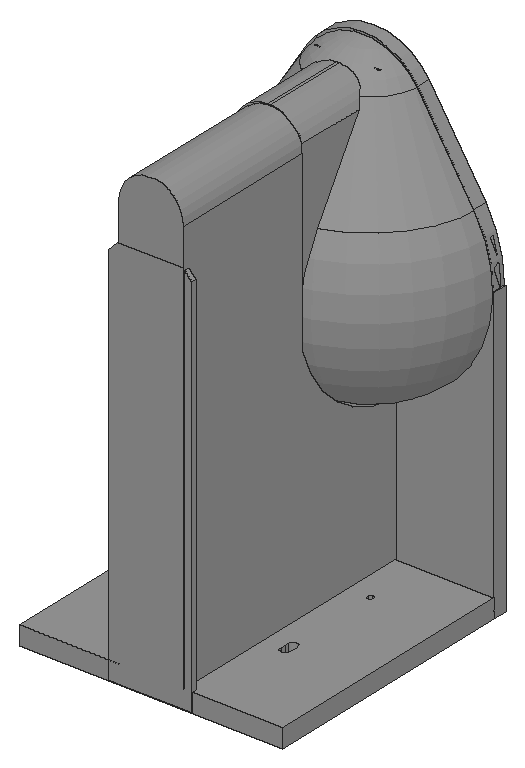
Revit family "Toilet-Willoughby-1490-ASETWS-FM-FA-TS", category Plumbing Fixtures, Revit 2015
Parameters (values of type "Standard")
  Waste DIA = 2 3/8"
  Waste Connection = yes
  W-RAD [instance] = Waste DIA / 2  # 0' - 1 3/16"
  Vent Connection = no
  URL = "https://www.willoughby-ind.com/wp-content/uploads/2018/01/ASETWS-1490-FM-FA.pdf"
  Type Comments = ""
  Revision = "A"
  Model = "ASETWS-1490-FM-FA-TS"
  Manufacturer = "Willoughby Industries"
  HW Connection = no
  Flush inlet DIA = 1 1/2"
  Flush Inlet Connection = yes
  Fixture Body = Stainless Steel AISI 304-Willoughby
  F-RAD [instance] = Flush inlet DIA / 2  # 0' - 0 3/4"
  Description = "Ligature resistant, Wall outlet, Floor mounted siphon jet Toilet, Front Access,Top Spud"
  Default Elevation = 0' - 0"
  Contact Number = "(800) 428-4065"
  CW Connection = no
Reference planes (in)
  plane 1 "Base": y = -16.25
  plane 2: z = 0
  plane 3 "Center": x = 18.31072
  plane 4 "ref": y = -4.75
  plane 5: y = -1.25
  plane 6: z = -6.75
  plane 7: y = -2.125
  plane 8: y = -14.0625
  plane 9: y = 0.5
  plane 10: x = 16.56072
  plane 11: x = 20.06072
  plane 12: x = 11.56072
  plane 13: x = 25.06072
  plane 14: z = -3
  plane 15: z = 25
  plane 16 "Waste HGT": y = -10.75
  plane 17: y = -3.125
Forms (in)
  Extrusion 1, solid, material "Stainless Steel AISI 304-Willoughby" <- "Fixture Body"
    sketch origin (16.08109, 7.47968, -7.1422) x (-1, 0, 0) y (0, 0, -1)
      loop
        line (4.79775, -22.86304) -> (4.83287, -22.86304) -> (4.83287, -7.1422) -> (-9.27844, -7.1422) -> (-9.27844, -22.86304) -> (-9.20225, -22.86304)
        arc (-9.20225, -22.86304) -> (-8.94967, -24.72647) -> (-8.21015, -26.45542) r 7
        line (-8.21015, -26.45542) -> (-5.16818, -31.31054)
        arc (-5.16818, -31.31054) -> (-2.20225, -32.95225) -> (0.76368, -31.31054) r 3.5
        line (0.76368, -31.31054) -> (3.80565, -26.45542)
        arc (3.80565, -26.45542) -> (4.54517, -24.72647) -> (4.79775, -22.86304) r 7
      loop
        arc (2.03989, -24.70557) -> (-2.20225, -18.23804) -> (-6.44438, -24.70557) r 4.625
        line (-6.44438, -24.70557) -> (-4.04125, -30.23842)
        arc (-4.04125, -30.23842) -> (-2.20225, -31.45225) -> (-0.36324, -30.23842) r 2
        line (-0.36324, -30.23842) -> (2.03989, -24.70557)
    from 8.72968 to 9.5
  Revolve 2, solid, material "Stainless Steel AISI 304-Willoughby" <- "Fixture Body"
    sketch origin (19.37246, -1.52032, -3.93826) x (-1, 0, 0) y (0, 0, -1)
      loop
        line (1.06174, -12.59906) -> (1.06174, -12.84906)
        arc (1.06174, -12.84906) -> (6.96784, -16.33096) -> (6.78077, -23.18447) r 6.75
        line (6.78077, -23.18447) -> (3.81535, -27.91457)
        arc (3.81535, -27.91457) -> (2.63527, -29.03194) -> (1.06174, -29.43826) r 3.25
        line (1.06174, -29.43826) -> (1.06174, -29.68826)
        arc (1.06174, -29.68826) -> (2.75672, -29.25045) -> (4.02767, -28.04656) r 3.5
        line (4.02767, -28.04656) -> (7.06964, -23.19143)
        arc (7.06964, -23.19143) -> (7.15052, -16.14555) -> (1.06174, -12.59906) r 7
      axis (1.06174, -12.59906) -> (1.06174, -29.68826)
    angle from 0 to -180
  Extrusion 3, solid, material "Stainless Steel AISI 304-Willoughby" <- "Fixture Body"
    sketch origin (19.53334, -3.02032, -4.9508) x (0, 1, 0) y (0, 0, 1)
      loop
        line (-5.27082, 4.9508) -> (1, 4.9508) -> (1, 13.76086)
        arc (1, 13.76086) -> (-2.93256, 15.26109) -> (-5.27082, 18.76086) r 6.92744
        line (-5.27082, 18.76086) -> (-5.27082, 4.9508)
    from 0.52738 to -2.97262
  Extrusion 4, solid, material "Stainless Steel AISI 304-Willoughby" <- "Fixture Body"
    sketch origin (0, 8.59309, -3) x (1, 0, 0) y (0, 1, 0)
      loop
        circle (18.31072, -19.34309) r 1.1875
    from 5.5 to 0
  Extrusion 5, solid, material "Stainless Steel AISI 304-Willoughby" <- "Fixture Body"
    sketch origin (0, -16.25, 0) x (1, 0, 0) y (0, 0, 1)
      loop
        line (25.35953, 0) -> (25.35953, 1) -> (11.24822, 1) -> (11.24822, 0) -> (25.35953, 0)
    from -14.22968 to 0
  Extrusion 6, solid, material "Stainless Steel AISI 304-Willoughby" <- "Fixture Body"
    sketch origin (0, -16.25, 0) x (1, 0, 0) y (0, 0, 1)
      loop
        line (20.06072, 0) -> (20.06072, 23.28412)
        arc (20.06072, 23.28412) -> (18.31072, 25.03412) -> (16.56072, 23.28412) r 1.75
        line (16.56072, 23.28412) -> (16.56072, 0) -> (20.06072, 0)
    from 0 to -7.95886
  Extrusion 7, solid, material "Stainless Steel AISI 304-Willoughby" <- "Fixture Body"
    sketch origin (-0.06578, -16.25, 7) x (1, 0, 0) y (0, 0, 1)
      loop
        line (20.06072, -7) -> (20.56072, -7) -> (20.56072, 13.75) -> (20.06072, 14.25) -> (16.56072, 14.25) -> (16.06072, 13.75) -> (16.06072, -7) -> (16.56072, -7) -> (20.06072, -7)
    from 0 to -0.25
  Extrusion 8, solid, material "Stainless Steel AISI 304-Willoughby" <- "Fixture Body"
    sketch origin (18.31072, 0, 0) x (0, 1, 0) y (0, 0, 1)
      loop
        line (-3.0438, 25.03193) -> (-8.29114, 25.03193) -> (-8.29114, 16.73622)
        arc (-8.29114, 16.73622) -> (-8.25839, 17.11069) -> (-8.16113, 17.47379) r 2.15729
        arc (-8.16113, 17.47379) -> (-7.78826, 18.37428) -> (-7.33828, 19.23882) r 11.16687
        arc (-7.33828, 19.23882) -> (-5.85557, 21.70663) -> (-4.28753, 24.12112) r 82.3759
        arc (-4.28753, 24.12112) -> (-3.71235, 24.64027) -> (-3.0438, 25.03193) r 3.79911
    from 1.75 to -1.75
  Extrusion 9, void
    sketch origin (0, -16.25, 0) x (1, 0, 0) y (0, 0, 1)
      loop
        arc (16.43207, 23.28193) -> (16.94463, 24.51936) -> (18.18207, 25.03193) r 1.75
        line (18.18207, 25.03193) -> (16.43207, 25.03193) -> (16.43207, 23.28193)
    from -7.95886 to -13.18331
  Extrusion 10, void
    sketch origin (0, -16.25, 0) x (1, 0, 0) y (0, 0, 1)
      loop
        arc (18.34313, 25.03193) -> (19.49966, 24.59853) -> (20.12234, 23.53193) r 1.84176
        line (20.12234, 23.53193) -> (20.12234, 25.03193) -> (18.34313, 25.03193)
    from -7.95886 to -13.18919
  Revolve 11, solid
    sketch origin (18.31072, 0, 0) x (0, 1, 0) y (0, 0, 1)
      loop
        line (-1.25, 2.75) -> (-0.5, 2.75) -> (-0.5, 3.5) -> (-1.25, 3.5) -> (-1.25, 2.75)
      axis (-1.25, 2.75) -> (-0.5, 2.75)
    angle from 0 to 360
  Extrusion 12, void
    sketch origin (0, 0, 0) x (1, 0, 0) y (0, 1, 0)
      loop
        line (21.06072, -10.75) -> (21.06072, -11)
        arc (21.06072, -11) -> (21.31072, -11.25) -> (21.56072, -11) r 0.25
        line (21.56072, -11) -> (21.56072, -10.5)
        arc (21.56072, -10.5) -> (21.31072, -10.25) -> (21.06072, -10.5) r 0.25
        line (21.06072, -10.5) -> (21.06072, -10.75)
      loop
        circle (21.31072, -5.25) r 0.15625
      loop
        line (15.56072, -10.75) -> (15.56072, -10.5)
        arc (15.56072, -10.5) -> (15.31072, -10.25) -> (15.06072, -10.5) r 0.25
        line (15.06072, -10.5) -> (15.06072, -11)
        arc (15.06072, -11) -> (15.31072, -11.25) -> (15.56072, -11) r 0.25
        line (15.56072, -11) -> (15.56072, -10.75)
      loop
        circle (15.31072, -5.25) r 0.15625
    from 0 to 1.5
Cuts and joins
  Extrusion 12 cuts Extrusion 3
  Extrusion 12 cuts Extrusion 5
  Extrusion 12 cuts Extrusion 6
  joined: Extrusion 3, Extrusion 5, Extrusion 6
  Extrusion 9, Extrusion 10 cuts Extrusion 8
Lines and regions (in)
  symbolic lines
    curve 1: line (13.81072, -16.25, 0) -> (13.81072, -1.25, 0)
    curve 2: line (22.81072, -16.25, 0) -> (22.81072, -1.25, 0)
    curve 3: line (13.81072, -16.25, 0) -> (22.81072, -16.25, 0)
    curve 4: line (11.28334, -2.02032, 0) -> (11.28334, -1.25, 0)
    curve 5: line (11.28334, -1.25, 0) -> (25.28334, -1.25, 0)
    curve 6: line (25.28334, -1.25, 0) -> (25.28334, -2.02032, 0)
    curve 7: arc (25.28334, -2.02032, 0) -> (23.08185, -6.64916, 0) -> (18.31072, -8.52239, 0) r 6.97293
    curve 8: arc (18.31072, -8.52239, 0) -> (13.52793, -6.64299, 0) -> (11.28334, -2.02032, 0) r 7.06571
    curve 9: line (16.56072, -8.2982, 0) -> (16.56072, -16.25, 0)
    curve 10: line (20.06072, -16.25, 0) -> (20.06072, -8.30327, 0)
    curve 15: line (13.81072, -16.25, 0) -> (22.81072, -16.25, 0)
    curve 16: line (22.81072, -16.25, 0) -> (22.81072, -16.25, 1)
    curve 17: line (22.81072, -16.25, 1) -> (21.81072, -16.25, 1)
    curve 18: line (21.81072, -16.25, 0) -> (21.81072, -16.25, 9.67456)
    curve 19: line (14.78334, -16.25, 0) -> (14.78334, -16.25, 9.65867)
    curve 20: line (14.78334, -16.25, 1) -> (13.81072, -16.25, 1)
    curve 21: line (13.81072, -16.25, 1) -> (13.81072, -16.25, 0)
    curve 22: line (21.81072, -16.25, 5) -> (14.78334, -16.25, 5)
    curve 23: arc (21.81072, -16.25, 9.67456) -> (25.06245, -16.25, 13.97624) -> (24.29124, -16.25, 19.31322) r 7
    curve 24: line (24.29124, -16.25, 19.31322) -> (21.24927, -16.25, 24.16835)
    curve 25: arc (21.24927, -16.25, 24.16835) -> (19.98923, -16.25, 25.34792) -> (18.31072, -16.25, 25.75) r 3.37397
    curve 26: arc (18.31072, -16.25, 25.75) -> (16.62783, -16.25, 25.31163) -> (15.31741, -16.25, 24.16835) r 3.79331
    curve 27: line (15.31741, -16.25, 24.16835) -> (12.35249, -16.25, 19.43905)
    curve 28: arc (12.35249, -16.25, 19.43905) -> (11.49002, -16.25, 14.03241) -> (14.78334, -16.25, 9.65867) r 7
    curve 34: line (18.31072, -8.45513, 16.43593) -> (18.31072, -16.25, 16.43593)
    curve 35: line (18.31072, -16.25, 16.43593) -> (18.31072, -16.25, 0)
    curve 36: line (18.31072, -16.25, 0) -> (18.31072, 1.75, 0)
    curve 37: line (18.31072, -1.25, 5) -> (18.31072, -1.25, 25.81005)
    curve 38: line (18.31072, -1.25, 25.81005) -> (18.31072, -2.02032, 25.81005)
    curve 39: arc (18.31072, -2.02032, 25.81005) -> (18.31072, -3.17426, 25.3587) -> (18.31072, -4.14211, 24.58504) r 4.1253
    curve 40: line (18.31072, -4.14211, 24.58504) -> (18.31072, -7.52822, 19.25317)
    curve 41: arc (18.31072, -7.52822, 19.25317) -> (18.31072, -8.16721, 17.9023) -> (18.31072, -8.45513, 16.43593) r 6.04234
    curve 42: arc (18.31072, -8.45513, 16.43593) -> (18.31072, -8.2983, 15.12766) -> (18.31072, -8.29114, 13.81005) r 11.57712
    curve 43: arc (18.31072, -8.29114, 13.81005) -> (18.31072, -5.95289, 10.31029) -> (18.31072, -2.02032, 8.81005) r 6.92744
    curve 44: line (18.31072, -1.25, 9.65867) -> (18.31072, -2.02032, 9.65867)
    curve 45: line (18.31072, -2.02032, 9.65867) -> (18.31072, -2.02032, 1)
    curve 46: line (18.31072, -2.02032, 1) -> (18.31072, -16.25, 1)
  symbolic lines, detail levels medium+fine
    curve 11: line (20.06072, -16, 0) -> (20.56072, -16, 0)
    curve 12: line (20.56072, -16, 0) -> (20.56072, -16.25, 0)
    curve 13: line (16.56072, -16, 0) -> (16.06072, -16, 0)
    curve 14: line (16.06072, -16, 0) -> (16.06072, -16.25, 0)
  symbolic lines, detail levels fine
    curve 29: arc (14.0412, -16.25, 17.56337) -> (18.28334, -16.25, 11.09585) -> (22.52547, -16.25, 17.56337) r 4.625
    curve 30: line (22.52547, -16.25, 17.56337) -> (20.12234, -16.25, 23.09622)
    curve 31: arc (20.12234, -16.25, 23.09622) -> (19.38317, -16.25, 23.97635) -> (18.28334, -16.25, 24.31005) r 2.01767
    curve 32: arc (18.28334, -16.25, 24.31005) -> (17.17969, -16.25, 23.98213) -> (16.44433, -16.25, 23.09622) r 1.9827
    curve 33: line (16.44433, -16.25, 23.09622) -> (14.0412, -16.25, 17.56337)
Dimensions and locks (in)
  locked: plane 1 "Base" to plane 4 "ref" at 11.5
  locked: plane 1 "Base" to plane 5 at 15
  locked: plane 1 "Base" to plane 9 at 16.75
  plane 15 to level = 2' - 1"
  plane 5 to plane 1 "Base" = 1' - 3"
  "W-RAD": radius of Extrusion 4 sketch curve
  aligned and locked: plane 3 "Center" to Extrusion 4 sketch curve
  aligned and locked: Revolve 11 sketch curve to Revolve 11 sketch curve  (x2)
  aligned and locked: Extrusion 5 sketch curve to cut or joined group of Extrusion 3, Extrusion 5, Extrusion 6, Extrusion 12
Automatic sketch dimensions
  plane 5 to curve 5 = 0' - 0"
  plane 1 "Base" to curve 3 = 0' - 0"
  curve 13 to plane 10 = 0' - 0"
  curve 8 to plane 3 "Center" = 0' - 0"
  curve 7 to plane 3 "Center" = 0' - 0"
  curve 10 to plane 11 = 0' - 0"
  curve 13 to plane 1 "Base" = 0' - 0 1/4"
  curve 13 to plane 10 = 0' - 0 1/2"
  curve 1 to curve 14 = 0' - 2 1/4"
  plane 7 to curve 4 = 0' - 0.10468"
  curve 4 to plane 12 = 0' - 0.27738"
  plane 3 "Center" to curve 7 = 0' - 0 1/64"
  plane 3 "Center" to curve 8 = 0' - 0.01581"
  curve 11 to curve 11 = 0' - 0 1/2"
  curve 3 to plane 13 = 0' - 2 1/4"
  curve 2 to curve 5 = 0' - 2.47262"
  curve 12 to curve 11 = 0' - 0 1/4"
  plane 7 to curve 6 = 0' - 0.10468"
  curve 35 to plane 1 "Base" = 0' - 0"
  curve 37 to plane 5 = 0' - 0"
  plane 1 "Base" to curve 42 = 0' - 3.6029"
  plane 4 "ref" to curve 34 = 0' - 3.70513"
  plane 4 "ref" to curve 40 = 0' - 2.77822"
  curve 40 to plane 4 "ref" = 0' - 0.60789"
  curve 41 to plane 7 = 0' - 0.30255"
  plane 7 to curve 45 = 0' - 0.10468"
  plane 7 to curve 38 = 0' - 0.10468"
  plane 5 to curve 43 = 0' - 0.38413"
  curve 39 to plane 5 = 0' - 0.13839"
  level to curve 46 = 0' - 1"
  curve 42 to plane 15 = 0' - 10.59394"
  curve 44 to curve 43 = 0' - 6.06805"
  curve 43 to curve 41 = 0' - 0.28717"
  curve 42 to curve 35 = 0' - 2.02987"
  curve 39 to plane 15 = 0' - 3.21392"
  curve 40 to plane 15 = 0' - 0.41496"
  curve 42 to curve 43 = 0' - 0.16399"
  curve 23 to curve 28 = 0' - 0"  (x2)
  curve 23 to curve 29 = 0' - 0"  (x2)
  curve 28 to curve 29 = 0' - 0"  (x2)
  curve 21 to level = 0' - 0"
  curve 25 to plane 3 "Center" = 0' - 0"
  curve 26 to plane 3 "Center" = 0' - 0"
  curve 29 to plane 3 "Center" = 0' - 0.02738"
  curve 32 to plane 3 "Center" = 0' - 0.03882"
  curve 31 to curve 32 = 0' - 0.0002"
  curve 33 to plane 10 = 0' - 0.11639"
  curve 27 to plane 10 = 0' - 1.24331"
  curve 19 to plane 10 = 0' - 1.77738"
  plane 12 to curve 33 = 0' - 2 123/256"
  curve 15 to curve 19 = 0' - 0.97262"
  plane 12 to curve 27 = 0' - 0.79177"
  plane 3 "Center" to curve 25 = 0' - 0.07942"
  plane 3 "Center" to curve 26 = 0' - 0.08929"
  plane 11 to curve 30 = 0' - 0.06162"
  curve 24 to plane 15 = 0' - 0.83165"
  plane 11 to curve 24 = 0' - 1.18855"
  plane 11 to curve 18 = 0' - 1 3/4"
  plane 11 to curve 30 = 0' - 2.46475"
  curve 17 to curve 16 = 0' - 1"
  curve 24 to plane 13 = 0' - 0.76948"
  curve 15 to curve 16 = 0' - 1"
  curve 15 to curve 21 = 0' - 1"
  curve 20 to curve 19 = 0' - 8.65867"
  curve 19 to curve 18 = 0' - 0.01589"
  curve 19 to curve 28 = 0' - 6.06218"
  curve 33 to curve 27 = 0' - 1.87568"
  curve 26 to plane 15 = 0' - 3.04226"
  curve 31 to curve 25 = 0' - 0.08455"
  curve 31 to curve 32 = 0' - 0.03496"
  curve 33 to curve 26 = 0' - 1.07212"
  curve 30 to curve 24 = 0' - 1.07212"
  curve 17 to curve 22 = 0' - 4"
  Revolve 2 sketch curve to Revolve 2 sketch curve = 0' - 0"  (x2)
  Revolve 2 sketch curve to plane 3 "Center" = 0' - 0"  (x3)
  plane 3 "Center" to Revolve 2 sketch curve = 0' - 0"
  Revolve 2 sketch curve to plane 10 = 0' - 1.00361"
  Revolve 2 sketch curve to plane 15 = 0' - 0.8917"
  Revolve 2 sketch curve to Revolve 2 sketch curve = 0' - 0.21232"
  plane 12 to Revolve 2 sketch curve = 0' - 1.03097"
  Revolve 2 sketch curve to Revolve 2 sketch curve = 0' - 0.28887"
  plane 15 to Revolve 2 sketch curve = 0' - 0 1/2"
  Revolve 2 sketch curve to Revolve 2 sketch curve = 0' - 0 1/4"
  Revolve 2 sketch curve to Revolve 2 sketch curve = 0' - 0.13199"
  Revolve 2 sketch curve to Revolve 2 sketch curve = 0' - 4.85513"
  Revolve 2 sketch curve to Revolve 2 sketch curve = 0' - 0.00696"
  Revolve 2 sketch curve to Revolve 2 sketch curve = 0' - 6.5892"
  Revolve 2 sketch curve to Revolve 2 sketch curve = 0' - 3 1/4"
  Revolve 2 sketch curve to Revolve 2 sketch curve = 0' - 2.4108"
  Extrusion 3 sketch curve to level = 0' - 0"
  plane 4 "ref" to Extrusion 3 sketch curve = 0' - 3.54114"
  plane 7 to Extrusion 3 sketch curve = 0' - 0.10468"
  plane 5 to Extrusion 3 sketch curve = 0' - 0.38413"
  Extrusion 3 sketch curve to Extrusion 3 sketch curve = 0' - 8.81005"
  Extrusion 3 sketch curve to Extrusion 3 sketch curve = 0' - 5"
  Extrusion 6 sketch curve to level = 0' - 0"
  Extrusion 6 sketch curve to plane 10 = 0' - 0"
  Extrusion 6 sketch curve to plane 3 "Center" = 0' - 0"
  Extrusion 6 sketch curve to plane 15 = 0' - 1.71588"
  Extrusion 7 sketch curve to level = 0' - 0"
  Extrusion 7 sketch curve to plane 10 = 0' - 0.56578"
  Extrusion 7 sketch curve to plane 10 = 0' - 0.06578"  (x2)
  Extrusion 7 sketch curve to plane 11 = 0' - 0.06578"  (x2)
  plane 11 to Extrusion 7 sketch curve = 0' - 0.43422"
  Extrusion 7 sketch curve to plane 15 = 0' - 4 1/4"  (x2)
  Extrusion 7 sketch curve to Extrusion 7 sketch curve = 0' - 0 1/2"
  plane 15 to Extrusion 8 sketch curve = 0' - 0.03193"
  plane 4 "ref" to Extrusion 8 sketch curve = 0' - 3.54114"
  plane 4 "ref" to Extrusion 8 sketch curve = 0' - 1.38385"
  Extrusion 8 sketch curve to plane 7 = 0' - 0.9188"
  plane 5 to Extrusion 8 sketch curve = 0' - 0.21771"
  Extrusion 8 sketch curve to plane 9 = 0' - 1.83279"
  Extrusion 8 sketch curve to plane 6 = 1' - 3.19552"
  Extrusion 8 sketch curve to plane 9 = 5' - 3.50343"
  Extrusion 8 sketch curve to plane 15 = 0' - 11.34412"
  Extrusion 8 sketch curve to plane 15 = 0' - 8.26378"
  Extrusion 8 sketch curve to plane 15 = 0' - 3.42484"
  Extrusion 8 sketch curve to Extrusion 8 sketch curve = 0' - 0"  (x2)
  plane 15 to Extrusion 9 sketch curve = 0' - 0.03193"
  Extrusion 9 sketch curve to plane 10 = 0' - 0.12865"
  Extrusion 9 sketch curve to plane 3 "Center" = 0' - 0.12865"
  plane 3 "Center" to Extrusion 10 sketch curve = 0' - 0.0018"
  plane 15 to Extrusion 10 sketch curve = 0' - 0.03193"
  plane 11 to Extrusion 10 sketch curve = 0' - 0.06162"
  plane 3 "Center" to Extrusion 10 sketch curve = 0' - 0.03241"
  Extrusion 10 sketch curve to plane 15 = 0' - 1.46807"
  curve 36 to level = 0' - 0"
  curve 36 to plane 9 = 0' - 1 1/4"
  curve 45 to curve 37 = 0' - 4"
  curve 37 to curve 44 = 0' - 4.65867"
  Extrusion 4 sketch curve to plane 16 "Waste HGT" = 0' - 0"
  Revolve 11 sketch curve to plane 5 = 0' - 0"
  Revolve 11 sketch curve to Revolve 11 sketch curve = 0' - 0 3/4"  (x2)
  level to Revolve 11 sketch curve = 0' - 2 3/4"
  Revolve 11 sketch curve to Revolve 11 sketch curve = 0' - 0"
  Extrusion 5 sketch curve to plane 12 = 0' - 0 5/16"
  plane 13 to Extrusion 5 sketch curve = 0' - 0.29881"
  level to Extrusion 5 sketch curve = 0' - 1"
  Extrusion 1 sketch curve to Extrusion 1 sketch curve = 0' - 0"  (x6)
  Extrusion 1 sketch curve to level = 0' - 0"
  plane 13 to Extrusion 1 sketch curve = 0' - 0.29881"
  Extrusion 1 sketch curve to plane 13 = 0' - 0.76948"
  plane 11 to Extrusion 1 sketch curve = 0' - 2.46475"
  plane 11 to Extrusion 1 sketch curve = 0' - 1.18855"
  plane 11 to Extrusion 1 sketch curve = 0' - 0.06162"
  Extrusion 1 sketch curve to plane 3 "Center" = 0' - 0.02738"  (x2)
  Extrusion 1 sketch curve to plane 10 = 0' - 0.11639"
  Extrusion 1 sketch curve to plane 15 = 0' - 0.83165"
  Extrusion 1 sketch curve to plane 10 = 0' - 1.24331"
  plane 12 to Extrusion 1 sketch curve = 0' - 0.71472"
  Extrusion 1 sketch curve to plane 12 = 0' - 0 5/16"
  Extrusion 1 sketch curve to Extrusion 1 sketch curve = 0' - 1.07212"
  Extrusion 1 sketch curve to Extrusion 1 sketch curve = 0' - 0.78617"
  Extrusion 1 sketch curve to Extrusion 1 sketch curve = 0' - 3.783"
  Extrusion 1 sketch curve to Extrusion 1 sketch curve = 0' - 1.74985"
  Extrusion 1 sketch curve to Extrusion 1 sketch curve = 0' - 1.84253"
  plane 11 to Extrusion 1 sketch curve = 0' - 5.22262"
  Extrusion 1 sketch curve to Extrusion 1 sketch curve = 0' - 0.03512"
  Extrusion 12 sketch curve to plane 16 "Waste HGT" = 0' - 0"  (x2)
  Extrusion 12 sketch curve to plane 16 "Waste HGT" = 0' - 0 1/4"  (x2)
  Extrusion 12 sketch curve to plane 10 = 0' - 1 1/2"
  plane 4 "ref" to Extrusion 12 sketch curve = 0' - 0 1/2"  (x2)
  Extrusion 12 sketch curve to plane 10 = 0' - 1 1/4"
  Extrusion 12 sketch curve to Extrusion 12 sketch curve = 0' - 0 1/4"  (x3)
  plane 11 to Extrusion 12 sketch curve = 0' - 1"
  plane 11 to Extrusion 12 sketch curve = 0' - 1 1/4"
  plane 16 "Waste HGT" to Extrusion 12 sketch curve = 0' - 0 1/4"
  radius of Extrusion 12 sketch curve = 0' - 0 5/32"  (x2)
Connectors (in)
  piping at (18.31072, -10.75, -3), diameter 2.375, driven by "W-RAD", driven by "Waste Connection"
    settings: on Extrusion 4, index 1, connector inside diameter 2 1/2", connector length 0' - 0", flow factor 0, pipe flow 0 GPM, pressure drop 0.00 psi, fitting loss kfactor 0, connector angle 0.00°, fixture units 0, engagement length 0' - 0", angle of deflection 0.00°, flow configuration 0, flow direction 2, fitting loss method 0, system type 16, joint type 0, gender type 0, connector reference index -1, connector utility 1, adjustable connector yes, is connector primary yes, connector description "Toilet Waste"
